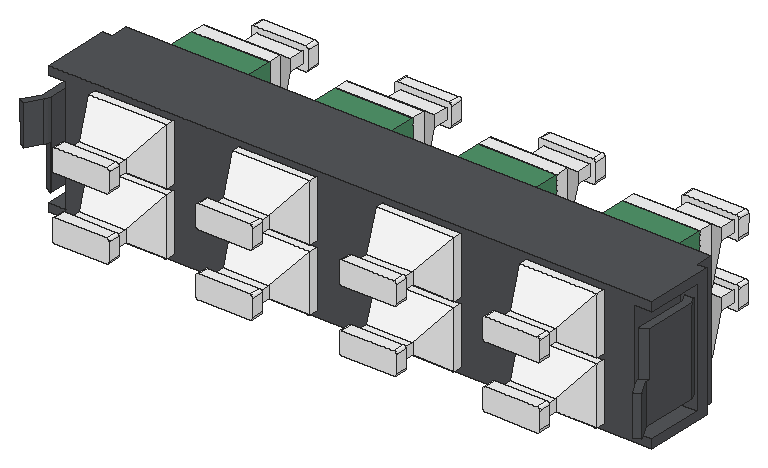
Revit family "Adaptor 8 MTP", category Installations électriques, Revit 2020
Family settings
  Conserver l'orientation des annotations = Non
  Cote de connecteur circulaire = Utiliser le diamètre
  Type d'élément = Normal
  Basée sur le plan de construction = Non
  Toujours verticalement = Oui
  Couper avec des vides une fois chargée = Non
  Partagée = Non
  Point de calcul de pièce = Non
Parameters (values of type "Adaptor 8 MTP single mode")
  Width of the connectors = 13.5 mm
  Width (mm) = 109 mm
  Type of connector interior = "MT_MPO"
  Type of connector external = "MT_MPO"
  Storage temperature = "-10°C à 60°C"
  RAL Number = "9001"
  Operating temperature = "-10°C à 60°C"
  Opening width = 8.35 mm
  Opening height = 1 mm
  Number of connectors = 8
  Legrand part number = "032119"
  IP = "IP20"
  IK = "IK04"
  Height of the connectors = 10 mm
  Height = 23 mm
  Function = "Fiber optic panels HD Legrand"
  Fiber optic type = "Single mode"
  Elévation par défaut = 0 mm
  ETIM class = "EC001130"
  EAN = "3414971929241"
  E-catalogue link = "https://www.legrand.fr/reference/032119/pro"
  Depth = 45 mm
  Colour of the connectors = IDS_VERT
  Color = IDS_NOIR
  BIM wording = "Adaptor 8 MTP single mode"
Reference planes
  plane 1 "Centre (avant/arrière)": y = 0
  plane 2: z = 0
  plane 3 "Centre (gauche/droite)": x = 0
  plane 4 "Clip bas": z = 4
  plane 5 "Clip haut": z = 19
  plane 6: x = 105.5
  plane 7: x = 52.75
  plane 8: through (0.797, -2.504, 1200) normal (-0.866, 0.5, 0)
  plane 9: z = 1
  plane 10: z = 11
  plane 11: z = 12
  plane 12: z = 22
  plane 13: x = 8.35
  plane 14: x = 21.85
  plane 15: z = 23
  plane 16: x = 33.45
  plane 17: x = 46.95
  plane 18: x = 58.55
  plane 19: x = 72.05
  plane 20: y = 21
  plane 21: y = 11
  plane 22: y = 1
  plane 23: x = 83.65
  plane 24: x = 97.15
  plane 25: y = -7
  plane 26: z = 5
  plane 27: z = 7
  plane 28: x = 11.1
  plane 29: x = 19.1
  plane 30: z = 16
  plane 31: z = 18
  plane 32: x = 11.1
  plane 33: x = 19.1
  plane 34: z = 5
  plane 35: z = 7
  plane 36: x = 36.2
  plane 37: x = 44.2
  plane 38: z = 5
  plane 39: z = 7
  plane 40: x = 61.3
  plane 41: x = 69.3
  plane 42: z = 5
  plane 43: z = 7
  plane 44: x = 86.4
  plane 45: x = 94.4
  plane 46: z = 16
  plane 47: z = 18
  plane 48: x = 36.2
  plane 49: x = 44.2
  plane 50: z = 16
  plane 51: z = 18
  plane 52: x = 61.3
  plane 53: x = 69.3
  plane 54: z = 16
  plane 55: z = 18
  plane 56: x = 86.4
  plane 57: x = 94.4
  plane 58: z = 5
  plane 59: z = 7
  plane 60: x = 11.1
  plane 61: x = 19.1
  plane 62: z = 16
  plane 63: z = 18
  plane 64: x = 11.1
  plane 65: x = 19.1
  plane 66: z = 5
  plane 67: z = 7
  plane 68: x = 36.2
  plane 69: x = 44.2
  plane 70: z = 5
  plane 71: z = 7
  plane 72: x = 61.3
  plane 73: x = 69.3
  plane 74: z = 5
  plane 75: z = 7
  plane 76: x = 86.4
  plane 77: x = 94.4
  plane 78: z = 16
  plane 79: z = 18
  plane 80: x = 36.2
  plane 81: x = 44.2
  plane 82: z = 16
  plane 83: z = 18
  plane 84: x = 61.3
  plane 85: x = 69.3
  plane 86: z = 16
  plane 87: z = 18
  plane 88: x = 86.4
  plane 89: x = 94.4
Forms (mm)
  Extrusion 1, solid, material "IDS_NOIR"
    sketch origin (0, 0, 0) x (1, 0, 0) y (0, 1, 0)
      loop
        line (0, 0) -> (105.5, 0) -> (105.5, 12) -> (103.9, 12) -> (103.9, 15) -> (1.6, 15) -> (1.6, 12) -> (0, 12) -> (0, 0)
    from 0 to 23
  Extrusion 2, void
    sketch origin (0, 0, 0) x (-1, 0, 0) y (0, 0, 1)
      loop
        line (0, 21.5) -> (-3, 21.5) -> (-3, 1.5) -> (0, 1.5) -> (0, 21.5)
      loop
        line (-105.5, 21.5) -> (-105.5, 1.5) -> (-102.5, 1.5) -> (-102.5, 21.5) -> (-105.5, 21.5)
    from 0 to 10
  Extrusion 3, solid, material "IDS_NOIR"
    sketch origin (0, 25.162, 4) x (0, 1, 0) y (-1, 0, 0)
      loop
        line (-29.912, 0.5) -> (-27.374, -0.965)
        arc (-27.374, -0.965) -> (-26.771, -1.215) -> (-26.124, -1.3) r 2.5
        line (-26.124, -1.3) -> (-16.662, -1.3) -> (-15.162, -2.166) -> (-15.162, -0.665) -> (-16.313, 0) -> (-26.446, 0) -> (-29.262, 1.626) -> (-29.912, 0.5)
      loop
        line (-29.912, -106) -> (-29.262, -107.126) -> (-26.446, -105.5) -> (-16.313, -105.5) -> (-15.162, -104.835) -> (-15.162, -103.334) -> (-16.662, -104.2) -> (-26.124, -104.2)
        arc (-26.124, -104.2) -> (-26.771, -104.285) -> (-27.374, -104.535) r 2.5
        line (-27.374, -104.535) -> (-29.912, -106)
    from 0 to 15
  Extrusion 4, void
    sketch origin (0.797, -2.504, 1200) x (0.5, 0.866025, 0) y (0, 0, 1)
      loop
        line (-2.593, -1196) -> (1.407, -1196) -> (1.407, -1188) -> (-2.593, -1188) -> (-2.593, -1196)
    from 0 to -2.615
  Extrusion 5, void
    sketch origin (104.703, -2.504, 1200) x (-0.5, 0.866025, 0) y (0, 0, -1)
      loop
        line (-2.593, 1181) -> (1.407, 1181) -> (1.407, 1189) -> (-2.593, 1189) -> (-2.593, 1181)
    from 0 to -2.615
  Extrusion 6, void
    sketch origin (2.941, 0, 0) x (-1, 0, 0) y (0, 0, 1)
      loop
        line (-5.409, 11) -> (-18.909, 11) -> (-18.909, 1) -> (-5.409, 1) -> (-5.409, 11)
      loop
        line (-30.509, 1) -> (-30.509, 11) -> (-44.009, 11) -> (-44.009, 1) -> (-30.509, 1)
      loop
        line (-55.609, 11) -> (-69.109, 11) -> (-69.109, 1) -> (-55.609, 1) -> (-55.609, 11)
      loop
        line (-80.709, 1) -> (-80.709, 11) -> (-94.209, 11) -> (-94.209, 1) -> (-80.709, 1)
    from 0 to 15
  Extrusion 7, void
    sketch origin (0, 0, 0) x (-1, 0, 0) y (0, 0, 1)
      loop
        line (-8.35, 12) -> (-8.35, 22) -> (-21.85, 22) -> (-21.85, 12) -> (-8.35, 12)
      loop
        line (-33.45, 12) -> (-33.45, 22) -> (-46.95, 22) -> (-46.95, 12) -> (-33.45, 12)
      loop
        line (-58.55, 22) -> (-72.05, 22) -> (-72.05, 12) -> (-58.55, 12) -> (-58.55, 22)
      loop
        line (-83.65, 22) -> (-97.15, 22) -> (-97.15, 12) -> (-83.65, 12) -> (-83.65, 22)
    from 0 to 15
  Extrusion 8, solid, material "IDS_VERT" <- "Colour of the connectors"
    sketch origin (-7.488, 1, 1200) x (-1, 0, 0) y (0, 0, 1)
      loop
        line (-15.838, -1189) -> (-29.338, -1189) -> (-29.338, -1199) -> (-15.838, -1199) -> (-15.838, -1189)
      loop
        line (-15.838, -1178) -> (-29.338, -1178) -> (-29.338, -1188) -> (-15.838, -1188) -> (-15.838, -1178)
      loop
        line (-40.938, -1188) -> (-40.938, -1178) -> (-54.438, -1178) -> (-54.438, -1188) -> (-40.938, -1188)
      loop
        line (-66.038, -1188) -> (-66.038, -1178) -> (-79.538, -1178) -> (-79.538, -1188) -> (-66.038, -1188)
      loop
        line (-66.038, -1189) -> (-79.538, -1189) -> (-79.538, -1199) -> (-66.038, -1199) -> (-66.038, -1189)
      loop
        line (-54.438, -1199) -> (-40.938, -1199) -> (-40.938, -1189) -> (-54.438, -1189) -> (-54.438, -1199)
      loop
        line (-91.138, -1188) -> (-91.138, -1178) -> (-104.638, -1178) -> (-104.638, -1188) -> (-91.138, -1188)
      loop
        line (-91.138, -1189) -> (-104.638, -1189) -> (-104.638, -1199) -> (-91.138, -1199) -> (-91.138, -1189)
    from 0 to 20
  Extrusion 9, solid, material "IDS_BLANC"
    sketch origin (-7.488, 1, 1200) x (-1, 0, 0) y (0, 0, 1)
      loop
        line (-15.838, -1188) -> (-15.838, -1178) -> (-29.338, -1178) -> (-29.338, -1188) -> (-15.838, -1188)
      loop
        line (-15.838, -1189) -> (-29.338, -1189) -> (-29.338, -1199) -> (-15.838, -1199) -> (-15.838, -1189)
      loop
        line (-40.938, -1188) -> (-40.938, -1178) -> (-54.438, -1178) -> (-54.438, -1188) -> (-40.938, -1188)
      loop
        line (-40.938, -1189) -> (-54.438, -1189) -> (-54.438, -1199) -> (-40.938, -1199) -> (-40.938, -1189)
      loop
        line (-66.038, -1178) -> (-79.538, -1178) -> (-79.538, -1188) -> (-66.038, -1188) -> (-66.038, -1178)
      loop
        line (-66.038, -1189) -> (-79.538, -1189) -> (-79.538, -1199) -> (-66.038, -1199) -> (-66.038, -1189)
      loop
        line (-91.138, -1188) -> (-91.138, -1178) -> (-104.638, -1178) -> (-104.638, -1188) -> (-91.138, -1188)
      loop
        line (-91.138, -1189) -> (-104.638, -1189) -> (-104.638, -1199) -> (-91.138, -1199) -> (-91.138, -1189)
    from 0 to -2.5
  Extrusion 10, solid, material "IDS_BLANC"
    sketch origin (5.742, -7, 1200) x (-1, 0, 0) y (0, 0, 1)
      loop
        line (-5.358, -1193) -> (-13.358, -1193) -> (-13.358, -1195) -> (-5.358, -1195) -> (-5.358, -1193)
    from -2.75 to 0
  SweptBlend 11, solid, material "IDS_BLANC"
    path origin (0, 25.162, 4) x (0, 1, 0) y (-1, 0, 0)
      loop
        line (-26.662, -15.1) -> (-32.162, -15.1)
    profile origin (15.1, -1.5, 4) x (1, 0, 0) y (0, 0, 1)
      loop
        line (-6.75, 7) -> (-6.75, -3) -> (6.75, -3) -> (6.75, 7) -> (-6.75, 7)
    end profile origin (15.1, -7, 4) x (1, 0, 0) y (0, 0, 1)
      loop
        line (4, 3) -> (-4, 3) -> (-4, 1) -> (4, 1) -> (4, 3)
  Extrusion 12, solid, material "IDS_BLANC"
    sketch origin (5.742, -9.75, 1200) x (1, 0, 0) y (0, 0, 1)
      loop
        arc (4.858, -1192) -> (4.504, -1192.146) -> (4.358, -1192.5) r 0.5
        line (4.358, -1192.5) -> (4.358, -1195.5)
        arc (4.358, -1195.5) -> (4.504, -1195.854) -> (4.858, -1196) r 0.5
        line (4.858, -1196) -> (13.858, -1196)
        arc (13.858, -1196) -> (14.211, -1195.854) -> (14.358, -1195.5) r 0.5
        line (14.358, -1195.5) -> (14.358, -1192.5)
        arc (14.358, -1192.5) -> (14.211, -1192.146) -> (13.858, -1192) r 0.5
        line (13.858, -1192) -> (4.858, -1192)
    from 0 to 2
  Extrusion 13, solid, material "IDS_BLANC"
    sketch origin (5.742, -9.75, 1211) x (1, 0, 0) y (0, 0, 1)
      loop
        arc (4.858, -1192) -> (4.504, -1192.146) -> (4.358, -1192.5) r 0.5
        line (4.358, -1192.5) -> (4.358, -1195.5)
        arc (4.358, -1195.5) -> (4.504, -1195.854) -> (4.858, -1196) r 0.5
        line (4.858, -1196) -> (13.858, -1196)
        arc (13.858, -1196) -> (14.211, -1195.854) -> (14.358, -1195.5) r 0.5
        line (14.358, -1195.5) -> (14.358, -1192.5)
        arc (14.358, -1192.5) -> (14.211, -1192.146) -> (13.858, -1192) r 0.5
        line (13.858, -1192) -> (4.858, -1192)
    from 0 to 2
  SweptBlend 14, solid, material "IDS_BLANC"
    path origin (0, 25.162, 15) x (0, 1, 0) y (-1, 0, 0)
      loop
        line (-26.662, -15.1) -> (-32.162, -15.1)
    profile origin (15.1, -1.5, 15) x (1, 0, 0) y (0, 0, 1)
      loop
        line (-6.75, 7) -> (-6.75, -3) -> (6.75, -3) -> (6.75, 7) -> (-6.75, 7)
    end profile origin (15.1, -7, 15) x (1, 0, 0) y (0, 0, 1)
      loop
        line (4, 3) -> (-4, 3) -> (-4, 1) -> (4, 1) -> (4, 3)
  Extrusion 15, solid, material "IDS_BLANC"
    sketch origin (5.742, -7, 1211) x (-1, 0, 0) y (0, 0, 1)
      loop
        line (-5.358, -1193) -> (-13.358, -1193) -> (-13.358, -1195) -> (-5.358, -1195) -> (-5.358, -1193)
    from -2.75 to 0
  Extrusion 16, solid, material "IDS_BLANC"
    sketch origin (30.842, -7, 1200) x (-1, 0, 0) y (0, 0, 1)
      loop
        line (-5.358, -1193) -> (-13.358, -1193) -> (-13.358, -1195) -> (-5.358, -1195) -> (-5.358, -1193)
    from -2.75 to 0
  SweptBlend 17, solid, material "IDS_BLANC"
    path origin (25.1, 25.162, 4) x (0, 1, 0) y (-1, 0, 0)
      loop
        line (-26.662, -15.1) -> (-32.162, -15.1)
    profile origin (40.2, -1.5, 4) x (1, 0, 0) y (0, 0, 1)
      loop
        line (-6.75, 7) -> (-6.75, -3) -> (6.75, -3) -> (6.75, 7) -> (-6.75, 7)
    end profile origin (40.2, -7, 4) x (1, 0, 0) y (0, 0, 1)
      loop
        line (4, 3) -> (-4, 3) -> (-4, 1) -> (4, 1) -> (4, 3)
  Extrusion 18, solid, material "IDS_BLANC"
    sketch origin (30.842, -9.75, 1200) x (1, 0, 0) y (0, 0, 1)
      loop
        arc (4.858, -1192) -> (4.504, -1192.146) -> (4.358, -1192.5) r 0.5
        line (4.358, -1192.5) -> (4.358, -1195.5)
        arc (4.358, -1195.5) -> (4.504, -1195.854) -> (4.858, -1196) r 0.5
        line (4.858, -1196) -> (13.858, -1196)
        arc (13.858, -1196) -> (14.211, -1195.854) -> (14.358, -1195.5) r 0.5
        line (14.358, -1195.5) -> (14.358, -1192.5)
        arc (14.358, -1192.5) -> (14.211, -1192.146) -> (13.858, -1192) r 0.5
        line (13.858, -1192) -> (4.858, -1192)
    from 0 to 2
  Extrusion 19, solid, material "IDS_BLANC"
    sketch origin (30.842, -9.75, 1211) x (1, 0, 0) y (0, 0, 1)
      loop
        arc (4.858, -1192) -> (4.504, -1192.146) -> (4.358, -1192.5) r 0.5
        line (4.358, -1192.5) -> (4.358, -1195.5)
        arc (4.358, -1195.5) -> (4.504, -1195.854) -> (4.858, -1196) r 0.5
        line (4.858, -1196) -> (13.858, -1196)
        arc (13.858, -1196) -> (14.211, -1195.854) -> (14.358, -1195.5) r 0.5
        line (14.358, -1195.5) -> (14.358, -1192.5)
        arc (14.358, -1192.5) -> (14.211, -1192.146) -> (13.858, -1192) r 0.5
        line (13.858, -1192) -> (4.858, -1192)
    from 0 to 2
  SweptBlend 20, solid, material "IDS_BLANC"
    path origin (25.1, 25.162, 15) x (0, 1, 0) y (-1, 0, 0)
      loop
        line (-26.662, -15.1) -> (-32.162, -15.1)
    profile origin (40.2, -1.5, 15) x (1, 0, 0) y (0, 0, 1)
      loop
        line (-6.75, 7) -> (-6.75, -3) -> (6.75, -3) -> (6.75, 7) -> (-6.75, 7)
    end profile origin (40.2, -7, 15) x (1, 0, 0) y (0, 0, 1)
      loop
        line (4, 3) -> (-4, 3) -> (-4, 1) -> (4, 1) -> (4, 3)
  Extrusion 21, solid, material "IDS_BLANC"
    sketch origin (55.942, -7, 1200) x (-1, 0, 0) y (0, 0, 1)
      loop
        line (-5.358, -1193) -> (-13.358, -1193) -> (-13.358, -1195) -> (-5.358, -1195) -> (-5.358, -1193)
    from -2.75 to 0
  SweptBlend 22, solid, material "IDS_BLANC"
    path origin (50.2, 25.162, 4) x (0, 1, 0) y (-1, 0, 0)
      loop
        line (-26.662, -15.1) -> (-32.162, -15.1)
    profile origin (65.3, -1.5, 4) x (1, 0, 0) y (0, 0, 1)
      loop
        line (-6.75, 7) -> (-6.75, -3) -> (6.75, -3) -> (6.75, 7) -> (-6.75, 7)
    end profile origin (65.3, -7, 4) x (1, 0, 0) y (0, 0, 1)
      loop
        line (4, 3) -> (-4, 3) -> (-4, 1) -> (4, 1) -> (4, 3)
  Extrusion 23, solid, material "IDS_BLANC"
    sketch origin (55.942, -9.75, 1200) x (1, 0, 0) y (0, 0, 1)
      loop
        arc (4.858, -1192) -> (4.504, -1192.146) -> (4.358, -1192.5) r 0.5
        line (4.358, -1192.5) -> (4.358, -1195.5)
        arc (4.358, -1195.5) -> (4.504, -1195.854) -> (4.858, -1196) r 0.5
        line (4.858, -1196) -> (13.858, -1196)
        arc (13.858, -1196) -> (14.211, -1195.854) -> (14.358, -1195.5) r 0.5
        line (14.358, -1195.5) -> (14.358, -1192.5)
        arc (14.358, -1192.5) -> (14.211, -1192.146) -> (13.858, -1192) r 0.5
        line (13.858, -1192) -> (4.858, -1192)
    from 0 to 2
  Extrusion 24, solid, material "IDS_BLANC"
    sketch origin (55.942, -9.75, 1211) x (1, 0, 0) y (0, 0, 1)
      loop
        arc (4.858, -1192) -> (4.504, -1192.146) -> (4.358, -1192.5) r 0.5
        line (4.358, -1192.5) -> (4.358, -1195.5)
        arc (4.358, -1195.5) -> (4.504, -1195.854) -> (4.858, -1196) r 0.5
        line (4.858, -1196) -> (13.858, -1196)
        arc (13.858, -1196) -> (14.211, -1195.854) -> (14.358, -1195.5) r 0.5
        line (14.358, -1195.5) -> (14.358, -1192.5)
        arc (14.358, -1192.5) -> (14.211, -1192.146) -> (13.858, -1192) r 0.5
        line (13.858, -1192) -> (4.858, -1192)
    from 0 to 2
  SweptBlend 25, solid, material "IDS_BLANC"
    path origin (50.2, 25.162, 15) x (0, 1, 0) y (-1, 0, 0)
      loop
        line (-26.662, -15.1) -> (-32.162, -15.1)
    profile origin (65.3, -1.5, 15) x (1, 0, 0) y (0, 0, 1)
      loop
        line (-6.75, 7) -> (-6.75, -3) -> (6.75, -3) -> (6.75, 7) -> (-6.75, 7)
    end profile origin (65.3, -7, 15) x (1, 0, 0) y (0, 0, 1)
      loop
        line (4, 3) -> (-4, 3) -> (-4, 1) -> (4, 1) -> (4, 3)
  Extrusion 26, solid, material "IDS_BLANC"
    sketch origin (81.042, -7, 1200) x (-1, 0, 0) y (0, 0, 1)
      loop
        line (-5.358, -1193) -> (-13.358, -1193) -> (-13.358, -1195) -> (-5.358, -1195) -> (-5.358, -1193)
    from -2.75 to 0
  SweptBlend 27, solid, material "IDS_BLANC"
    path origin (75.3, 25.162, 4) x (0, 1, 0) y (-1, 0, 0)
      loop
        line (-26.662, -15.1) -> (-32.162, -15.1)
    profile origin (90.4, -1.5, 4) x (1, 0, 0) y (0, 0, 1)
      loop
        line (-6.75, 7) -> (-6.75, -3) -> (6.75, -3) -> (6.75, 7) -> (-6.75, 7)
    end profile origin (90.4, -7, 4) x (1, 0, 0) y (0, 0, 1)
      loop
        line (4, 3) -> (-4, 3) -> (-4, 1) -> (4, 1) -> (4, 3)
  Extrusion 28, solid, material "IDS_BLANC"
    sketch origin (81.042, -9.75, 1200) x (1, 0, 0) y (0, 0, 1)
      loop
        arc (4.858, -1192) -> (4.504, -1192.146) -> (4.358, -1192.5) r 0.5
        line (4.358, -1192.5) -> (4.358, -1195.5)
        arc (4.358, -1195.5) -> (4.504, -1195.854) -> (4.858, -1196) r 0.5
        line (4.858, -1196) -> (13.858, -1196)
        arc (13.858, -1196) -> (14.211, -1195.854) -> (14.358, -1195.5) r 0.5
        line (14.358, -1195.5) -> (14.358, -1192.5)
        arc (14.358, -1192.5) -> (14.211, -1192.146) -> (13.858, -1192) r 0.5
        line (13.858, -1192) -> (4.858, -1192)
    from 0 to 2
  Extrusion 29, solid, material "IDS_BLANC"
    sketch origin (81.042, -9.75, 1211) x (1, 0, 0) y (0, 0, 1)
      loop
        arc (4.858, -1192) -> (4.504, -1192.146) -> (4.358, -1192.5) r 0.5
        line (4.358, -1192.5) -> (4.358, -1195.5)
        arc (4.358, -1195.5) -> (4.504, -1195.854) -> (4.858, -1196) r 0.5
        line (4.858, -1196) -> (13.858, -1196)
        arc (13.858, -1196) -> (14.211, -1195.854) -> (14.358, -1195.5) r 0.5
        line (14.358, -1195.5) -> (14.358, -1192.5)
        arc (14.358, -1192.5) -> (14.211, -1192.146) -> (13.858, -1192) r 0.5
        line (13.858, -1192) -> (4.858, -1192)
    from 0 to 2
  SweptBlend 30, solid, material "IDS_BLANC"
    path origin (75.3, 25.162, 15) x (0, 1, 0) y (-1, 0, 0)
      loop
        line (-26.662, -15.1) -> (-32.162, -15.1)
    profile origin (90.4, -1.5, 15) x (1, 0, 0) y (0, 0, 1)
      loop
        line (-6.75, 7) -> (-6.75, -3) -> (6.75, -3) -> (6.75, 7) -> (-6.75, 7)
    end profile origin (90.4, -7, 15) x (1, 0, 0) y (0, 0, 1)
      loop
        line (4, 3) -> (-4, 3) -> (-4, 1) -> (4, 1) -> (4, 3)
  Extrusion 31, solid, material "IDS_BLANC"
    sketch origin (30.842, -7, 1211) x (-1, 0, 0) y (0, 0, 1)
      loop
        line (-5.358, -1193) -> (-13.358, -1193) -> (-13.358, -1195) -> (-5.358, -1195) -> (-5.358, -1193)
    from -2.75 to 0
  Extrusion 32, solid, material "IDS_BLANC"
    sketch origin (55.942, -7, 1211) x (-1, 0, 0) y (0, 0, 1)
      loop
        line (-5.358, -1193) -> (-13.358, -1193) -> (-13.358, -1195) -> (-5.358, -1195) -> (-5.358, -1193)
    from -2.75 to 0
  Extrusion 33, solid, material "IDS_BLANC"
    sketch origin (81.042, -7, 1211) x (-1, 0, 0) y (0, 0, 1)
      loop
        line (-5.358, -1193) -> (-13.358, -1193) -> (-13.358, -1195) -> (-5.358, -1195) -> (-5.358, -1193)
    from -2.75 to 0
  Extrusion 34, solid, material "IDS_BLANC"
    sketch origin (-7.488, 21, 1200) x (-1, 0, 0) y (0, 0, -1)
      loop
        line (-15.838, 1188) -> (-29.338, 1188) -> (-29.338, 1178) -> (-15.838, 1178) -> (-15.838, 1188)
      loop
        line (-15.838, 1189) -> (-15.838, 1199) -> (-29.338, 1199) -> (-29.338, 1189) -> (-15.838, 1189)
      loop
        line (-40.938, 1188) -> (-54.438, 1188) -> (-54.438, 1178) -> (-40.938, 1178) -> (-40.938, 1188)
      loop
        line (-40.938, 1189) -> (-40.938, 1199) -> (-54.438, 1199) -> (-54.438, 1189) -> (-40.938, 1189)
      loop
        line (-66.038, 1178) -> (-66.038, 1188) -> (-79.538, 1188) -> (-79.538, 1178) -> (-66.038, 1178)
      loop
        line (-66.038, 1189) -> (-66.038, 1199) -> (-79.538, 1199) -> (-79.538, 1189) -> (-66.038, 1189)
      loop
        line (-91.138, 1188) -> (-104.638, 1188) -> (-104.638, 1178) -> (-91.138, 1178) -> (-91.138, 1188)
      loop
        line (-91.138, 1189) -> (-91.138, 1199) -> (-104.638, 1199) -> (-104.638, 1189) -> (-91.138, 1189)
    from 0 to -2.5
  Extrusion 35, solid, material "IDS_BLANC"
    sketch origin (5.742, 29, 1200) x (-1, 0, 0) y (0, 0, -1)
      loop
        line (-5.358, 1193) -> (-5.358, 1195) -> (-13.358, 1195) -> (-13.358, 1193) -> (-5.358, 1193)
    from -2.75 to 0
  SweptBlend 36, solid, material "IDS_BLANC"
    path origin (0, -3.162, 4) x (0, -1, 0) y (1, 0, 0)
      loop
        line (-26.662, 15.1) -> (-32.162, 15.1)
    profile origin (15.1, 23.5, 4) x (-1, 0, 0) y (0, 0, 1)
      loop
        line (6.75, 7) -> (-6.75, 7) -> (-6.75, -3) -> (6.75, -3) -> (6.75, 7)
    end profile origin (15.1, 29, 4) x (-1, 0, 0) y (0, 0, 1)
      loop
        line (-4, 3) -> (-4, 1) -> (4, 1) -> (4, 3) -> (-4, 3)
  Extrusion 37, solid, material "IDS_BLANC"
    sketch origin (5.742, 31.75, 1200) x (1, 0, 0) y (0, 0, -1)
      loop
        line (4.858, 1192) -> (13.858, 1192)
        arc (13.858, 1192) -> (14.211, 1192.146) -> (14.358, 1192.5) r 0.5
        line (14.358, 1192.5) -> (14.358, 1195.5)
        arc (14.358, 1195.5) -> (14.211, 1195.854) -> (13.858, 1196) r 0.5
        line (13.858, 1196) -> (4.858, 1196)
        arc (4.858, 1196) -> (4.504, 1195.854) -> (4.358, 1195.5) r 0.5
        line (4.358, 1195.5) -> (4.358, 1192.5)
        arc (4.358, 1192.5) -> (4.504, 1192.146) -> (4.858, 1192) r 0.5
    from 0 to 2
  Extrusion 38, solid, material "IDS_BLANC"
    sketch origin (5.742, 31.75, 1189) x (1, 0, 0) y (0, 0, -1)
      loop
        line (4.858, 1170) -> (13.858, 1170)
        arc (13.858, 1170) -> (14.211, 1170.146) -> (14.358, 1170.5) r 0.5
        line (14.358, 1170.5) -> (14.358, 1173.5)
        arc (14.358, 1173.5) -> (14.211, 1173.854) -> (13.858, 1174) r 0.5
        line (13.858, 1174) -> (4.858, 1174)
        arc (4.858, 1174) -> (4.504, 1173.854) -> (4.358, 1173.5) r 0.5
        line (4.358, 1173.5) -> (4.358, 1170.5)
        arc (4.358, 1170.5) -> (4.504, 1170.146) -> (4.858, 1170) r 0.5
    from 0 to 2
  SweptBlend 39, solid, material "IDS_BLANC"
    path origin (0, -3.162, 15) x (0, -1, 0) y (1, 0, 0)
      loop
        line (-26.662, 15.1) -> (-32.162, 15.1)
    profile origin (15.1, 23.5, 15) x (-1, 0, 0) y (0, 0, 1)
      loop
        line (6.75, 7) -> (-6.75, 7) -> (-6.75, -3) -> (6.75, -3) -> (6.75, 7)
    end profile origin (15.1, 29, 15) x (-1, 0, 0) y (0, 0, 1)
      loop
        line (-4, 3) -> (-4, 1) -> (4, 1) -> (4, 3) -> (-4, 3)
  Extrusion 40, solid, material "IDS_BLANC"
    sketch origin (5.742, 29, 1211) x (-1, 0, 0) y (0, 0, -1)
      loop
        line (-5.358, 1193) -> (-5.358, 1195) -> (-13.358, 1195) -> (-13.358, 1193) -> (-5.358, 1193)
    from -2.75 to 0
  Extrusion 41, solid, material "IDS_BLANC"
    sketch origin (30.842, 29, 1200) x (-1, 0, 0) y (0, 0, -1)
      loop
        line (-5.358, 1193) -> (-5.358, 1195) -> (-13.358, 1195) -> (-13.358, 1193) -> (-5.358, 1193)
    from -2.75 to 0
  SweptBlend 42, solid, material "IDS_BLANC"
    path origin (25.1, -3.162, 4) x (0, -1, 0) y (1, 0, 0)
      loop
        line (-26.662, 15.1) -> (-32.162, 15.1)
    profile origin (40.2, 23.5, 4) x (-1, 0, 0) y (0, 0, 1)
      loop
        line (6.75, 7) -> (-6.75, 7) -> (-6.75, -3) -> (6.75, -3) -> (6.75, 7)
    end profile origin (40.2, 29, 4) x (-1, 0, 0) y (0, 0, 1)
      loop
        line (-4, 3) -> (-4, 1) -> (4, 1) -> (4, 3) -> (-4, 3)
  Extrusion 43, solid, material "IDS_BLANC"
    sketch origin (30.842, 31.75, 1200) x (1, 0, 0) y (0, 0, -1)
      loop
        line (4.858, 1192) -> (13.858, 1192)
        arc (13.858, 1192) -> (14.211, 1192.146) -> (14.358, 1192.5) r 0.5
        line (14.358, 1192.5) -> (14.358, 1195.5)
        arc (14.358, 1195.5) -> (14.211, 1195.854) -> (13.858, 1196) r 0.5
        line (13.858, 1196) -> (4.858, 1196)
        arc (4.858, 1196) -> (4.504, 1195.854) -> (4.358, 1195.5) r 0.5
        line (4.358, 1195.5) -> (4.358, 1192.5)
        arc (4.358, 1192.5) -> (4.504, 1192.146) -> (4.858, 1192) r 0.5
    from 0 to 2
  Extrusion 44, solid, material "IDS_BLANC"
    sketch origin (30.842, 31.75, 1189) x (1, 0, 0) y (0, 0, -1)
      loop
        line (4.858, 1170) -> (13.858, 1170)
        arc (13.858, 1170) -> (14.211, 1170.146) -> (14.358, 1170.5) r 0.5
        line (14.358, 1170.5) -> (14.358, 1173.5)
        arc (14.358, 1173.5) -> (14.211, 1173.854) -> (13.858, 1174) r 0.5
        line (13.858, 1174) -> (4.858, 1174)
        arc (4.858, 1174) -> (4.504, 1173.854) -> (4.358, 1173.5) r 0.5
        line (4.358, 1173.5) -> (4.358, 1170.5)
        arc (4.358, 1170.5) -> (4.504, 1170.146) -> (4.858, 1170) r 0.5
    from 0 to 2
  SweptBlend 45, solid, material "IDS_BLANC"
    path origin (25.1, -3.162, 15) x (0, -1, 0) y (1, 0, 0)
      loop
        line (-26.662, 15.1) -> (-32.162, 15.1)
    profile origin (40.2, 23.5, 15) x (-1, 0, 0) y (0, 0, 1)
      loop
        line (6.75, 7) -> (-6.75, 7) -> (-6.75, -3) -> (6.75, -3) -> (6.75, 7)
    end profile origin (40.2, 29, 15) x (-1, 0, 0) y (0, 0, 1)
      loop
        line (-4, 3) -> (-4, 1) -> (4, 1) -> (4, 3) -> (-4, 3)
  Extrusion 46, solid, material "IDS_BLANC"
    sketch origin (55.942, 29, 1200) x (-1, 0, 0) y (0, 0, -1)
      loop
        line (-5.358, 1193) -> (-5.358, 1195) -> (-13.358, 1195) -> (-13.358, 1193) -> (-5.358, 1193)
    from -2.75 to 0
  SweptBlend 47, solid, material "IDS_BLANC"
    path origin (50.2, -3.162, 4) x (0, -1, 0) y (1, 0, 0)
      loop
        line (-26.662, 15.1) -> (-32.162, 15.1)
    profile origin (65.3, 23.5, 4) x (-1, 0, 0) y (0, 0, 1)
      loop
        line (6.75, 7) -> (-6.75, 7) -> (-6.75, -3) -> (6.75, -3) -> (6.75, 7)
    end profile origin (65.3, 29, 4) x (-1, 0, 0) y (0, 0, 1)
      loop
        line (-4, 3) -> (-4, 1) -> (4, 1) -> (4, 3) -> (-4, 3)
  Extrusion 48, solid, material "IDS_BLANC"
    sketch origin (55.942, 31.75, 1200) x (1, 0, 0) y (0, 0, -1)
      loop
        line (4.858, 1192) -> (13.858, 1192)
        arc (13.858, 1192) -> (14.211, 1192.146) -> (14.358, 1192.5) r 0.5
        line (14.358, 1192.5) -> (14.358, 1195.5)
        arc (14.358, 1195.5) -> (14.211, 1195.854) -> (13.858, 1196) r 0.5
        line (13.858, 1196) -> (4.858, 1196)
        arc (4.858, 1196) -> (4.504, 1195.854) -> (4.358, 1195.5) r 0.5
        line (4.358, 1195.5) -> (4.358, 1192.5)
        arc (4.358, 1192.5) -> (4.504, 1192.146) -> (4.858, 1192) r 0.5
    from 0 to 2
  Extrusion 49, solid, material "IDS_BLANC"
    sketch origin (55.942, 31.75, 1189) x (1, 0, 0) y (0, 0, -1)
      loop
        line (4.858, 1170) -> (13.858, 1170)
        arc (13.858, 1170) -> (14.211, 1170.146) -> (14.358, 1170.5) r 0.5
        line (14.358, 1170.5) -> (14.358, 1173.5)
        arc (14.358, 1173.5) -> (14.211, 1173.854) -> (13.858, 1174) r 0.5
        line (13.858, 1174) -> (4.858, 1174)
        arc (4.858, 1174) -> (4.504, 1173.854) -> (4.358, 1173.5) r 0.5
        line (4.358, 1173.5) -> (4.358, 1170.5)
        arc (4.358, 1170.5) -> (4.504, 1170.146) -> (4.858, 1170) r 0.5
    from 0 to 2
  SweptBlend 50, solid, material "IDS_BLANC"
    path origin (50.2, -3.162, 15) x (0, -1, 0) y (1, 0, 0)
      loop
        line (-26.662, 15.1) -> (-32.162, 15.1)
    profile origin (65.3, 23.5, 15) x (-1, 0, 0) y (0, 0, 1)
      loop
        line (6.75, 7) -> (-6.75, 7) -> (-6.75, -3) -> (6.75, -3) -> (6.75, 7)
    end profile origin (65.3, 29, 15) x (-1, 0, 0) y (0, 0, 1)
      loop
        line (-4, 3) -> (-4, 1) -> (4, 1) -> (4, 3) -> (-4, 3)
  Extrusion 51, solid, material "IDS_BLANC"
    sketch origin (81.042, 29, 1200) x (-1, 0, 0) y (0, 0, -1)
      loop
        line (-5.358, 1193) -> (-5.358, 1195) -> (-13.358, 1195) -> (-13.358, 1193) -> (-5.358, 1193)
    from -2.75 to 0
  SweptBlend 52, solid, material "IDS_BLANC"
    path origin (75.3, -3.162, 4) x (0, -1, 0) y (1, 0, 0)
      loop
        line (-26.662, 15.1) -> (-32.162, 15.1)
    profile origin (90.4, 23.5, 4) x (-1, 0, 0) y (0, 0, 1)
      loop
        line (6.75, 7) -> (-6.75, 7) -> (-6.75, -3) -> (6.75, -3) -> (6.75, 7)
    end profile origin (90.4, 29, 4) x (-1, 0, 0) y (0, 0, 1)
      loop
        line (-4, 3) -> (-4, 1) -> (4, 1) -> (4, 3) -> (-4, 3)
  Extrusion 53, solid, material "IDS_BLANC"
    sketch origin (81.042, 31.75, 1200) x (1, 0, 0) y (0, 0, -1)
      loop
        line (4.858, 1192) -> (13.858, 1192)
        arc (13.858, 1192) -> (14.211, 1192.146) -> (14.358, 1192.5) r 0.5
        line (14.358, 1192.5) -> (14.358, 1195.5)
        arc (14.358, 1195.5) -> (14.211, 1195.854) -> (13.858, 1196) r 0.5
        line (13.858, 1196) -> (4.858, 1196)
        arc (4.858, 1196) -> (4.504, 1195.854) -> (4.358, 1195.5) r 0.5
        line (4.358, 1195.5) -> (4.358, 1192.5)
        arc (4.358, 1192.5) -> (4.504, 1192.146) -> (4.858, 1192) r 0.5
    from 0 to 2
  Extrusion 54, solid, material "IDS_BLANC"
    sketch origin (81.042, 31.75, 1189) x (1, 0, 0) y (0, 0, -1)
      loop
        line (4.858, 1170) -> (13.858, 1170)
        arc (13.858, 1170) -> (14.211, 1170.146) -> (14.358, 1170.5) r 0.5
        line (14.358, 1170.5) -> (14.358, 1173.5)
        arc (14.358, 1173.5) -> (14.211, 1173.854) -> (13.858, 1174) r 0.5
        line (13.858, 1174) -> (4.858, 1174)
        arc (4.858, 1174) -> (4.504, 1173.854) -> (4.358, 1173.5) r 0.5
        line (4.358, 1173.5) -> (4.358, 1170.5)
        arc (4.358, 1170.5) -> (4.504, 1170.146) -> (4.858, 1170) r 0.5
    from 0 to 2
  SweptBlend 55, solid, material "IDS_BLANC"
    path origin (75.3, -3.162, 15) x (0, -1, 0) y (1, 0, 0)
      loop
        line (-26.662, 15.1) -> (-32.162, 15.1)
    profile origin (90.4, 23.5, 15) x (-1, 0, 0) y (0, 0, 1)
      loop
        line (6.75, 7) -> (-6.75, 7) -> (-6.75, -3) -> (6.75, -3) -> (6.75, 7)
    end profile origin (90.4, 29, 15) x (-1, 0, 0) y (0, 0, 1)
      loop
        line (-4, 3) -> (-4, 1) -> (4, 1) -> (4, 3) -> (-4, 3)
  Extrusion 56, solid, material "IDS_BLANC"
    sketch origin (30.842, 29, 1211) x (-1, 0, 0) y (0, 0, -1)
      loop
        line (-5.358, 1193) -> (-5.358, 1195) -> (-13.358, 1195) -> (-13.358, 1193) -> (-5.358, 1193)
    from -2.75 to 0
  Extrusion 57, solid, material "IDS_BLANC"
    sketch origin (55.942, 29, 1211) x (-1, 0, 0) y (0, 0, -1)
      loop
        line (-5.358, 1193) -> (-5.358, 1195) -> (-13.358, 1195) -> (-13.358, 1193) -> (-5.358, 1193)
    from -2.75 to 0
  Extrusion 58, solid, material "IDS_BLANC"
    sketch origin (81.042, 29, 1211) x (-1, 0, 0) y (0, 0, -1)
      loop
        line (-5.358, 1193) -> (-5.358, 1195) -> (-13.358, 1195) -> (-13.358, 1193) -> (-5.358, 1193)
    from -2.75 to 0
Cuts and joins
  Extrusion 2, Extrusion 6, Extrusion 7 cuts Extrusion 1
  Extrusion 4, Extrusion 5 cuts Extrusion 3
  joined: Extrusion 9, Extrusion 10, SweptBlend 11, Extrusion 12, Extrusion 13, SweptBlend 14, Extrusion 15, Extrusion 16, SweptBlend 17, Extrusion 18, Extrusion 19, SweptBlend 20, Extrusion 21, SweptBlend 22, Extrusion 23, Extrusion 24, SweptBlend 25, Extrusion 26, SweptBlend 27, Extrusion 28, Extrusion 29, SweptBlend 30, Extrusion 31, Extrusion 32, Extrusion 33
Lines and regions (mm)
  model lines
    curve 1: line (21.85, -1.5, 1) -> (8.35, -1.5, 1)
    curve 2: line (21.85, -1.5, 11) -> (21.85, -1.5, 1)
    curve 3: line (8.35, -1.5, 11) -> (21.85, -1.5, 11)
    curve 4: line (8.35, -1.5, 1) -> (8.35, -1.5, 11)
Dimensions and locks
  locked: plane 1 "Centre (avant/arrière)" to Extrusion 1 sketch curve at 15
  locked: Extrusion 1 sketch curve to Extrusion 1 sketch curve at 105.5
  locked: Extrusion 1 sketch curve to Extrusion 1 sketch curve at 1.6  (x2)
  locked: Extrusion 1 sketch curve to Extrusion 1 sketch curve at 12
  locked: Extrusion 2 sketch curve to level at 1.5
  locked: Extrusion 1 to Extrusion 2 sketch curve at 1.5
  locked: Extrusion 2 sketch curve to plane 3 "Centre (gauche/droite)" at 3
  locked: Extrusion 2 sketch curve to Extrusion 1 at 3
  plane 4 "Clip bas" to level = 4 mm
  cut or joined group of Extrusion 1, Extrusion 2, Extrusion 6, Extrusion 7 to plane 5 "Clip haut" = 4 mm
  locked: Extrusion 3 sketch curve to plane 3 "Centre (gauche/droite)" at 0.5
  locked: Extrusion 3 sketch curve to plane 1 "Centre (avant/arrière)" at 4.75
  locked: plane 3 "Centre (gauche/droite)" to Extrusion 3 sketch curve at 1.3
  plane 1 "Centre (avant/arrière)" to Extrusion 3 sketch curve = 8.5 mm
  equal spacing: plane 3 "Centre (gauche/droite)", plane 7, plane 6, locked at 52.75 each
  locked: Extrusion 3 to Extrusion 4 sketch curve at 4
  locked: Extrusion 3 to Extrusion 4 sketch curve at 8
  cut or joined group of Extrusion 3, Extrusion 4, Extrusion 5 to Extrusion 5 sketch curve = 8 mm
  Extrusion 5 sketch curve to cut or joined group of Extrusion 3, Extrusion 4, Extrusion 5 = 4 mm
  "Opening height": plane 9 to level
  "Height of the connectors": plane 10 to plane 9
  "Height of the connectors": plane 12 to plane 11
  "Opening width": plane 13 to plane 3 "Centre (gauche/droite)"
  "Width of the connectors": plane 13 to plane 14
  locked: plane 15 to level at 23
  "Opening height": plane 15 to plane 12
  "Width of the connectors": plane 16 to plane 17
  locked: plane 14 to plane 16 at 11.6
  plane 17 to plane 18 = 11.6 mm
  "Width of the connectors": plane 18 to plane 19
  plane 20 to cut or joined group of Extrusion 1, Extrusion 2, Extrusion 6, Extrusion 7 = 6 mm
  locked: plane 22 to plane 1 "Centre (avant/arrière)" at 1
  "Width of the connectors": plane 23 to plane 24
  plane 23 to plane 19 = 11.6 mm
  plane 6 to plane 24 = 8.35 mm
  Extrusion 9 to plane 25 = 5.5 mm
  plane 26 to plane 9 = 4 mm
  plane 10 to plane 27 = 4 mm
  plane 27 to plane 26 = 2 mm
  Extrusion 9 to plane 28 = 2.75 mm
  plane 28 to plane 29 = 8 mm
  plane 29 to plane 14 = 2.75 mm
  Extrusion 12 sketch curve to Extrusion 10 = 1 mm  (x3)
  Extrusion 10 to Extrusion 12 sketch curve = 1 mm
  plane 31 to plane 30 = 2 mm
  plane 32 to plane 33 = 8 mm
  plane 35 to plane 34 = 2 mm
  plane 36 to plane 37 = 8 mm
  Extrusion 18 sketch curve to Extrusion 16 = 1 mm  (x3)
  Extrusion 16 to Extrusion 18 sketch curve = 1 mm
  plane 39 to plane 38 = 2 mm
  plane 40 to plane 41 = 8 mm
  Extrusion 23 sketch curve to Extrusion 21 = 1 mm  (x3)
  Extrusion 21 to Extrusion 23 sketch curve = 1 mm
  plane 43 to plane 42 = 2 mm
  plane 44 to plane 45 = 8 mm
  Extrusion 28 sketch curve to Extrusion 26 = 1 mm  (x3)
  Extrusion 26 to Extrusion 28 sketch curve = 1 mm
  plane 47 to plane 46 = 2 mm
  plane 48 to plane 49 = 8 mm
  plane 51 to plane 50 = 2 mm
  plane 52 to plane 53 = 8 mm
  plane 55 to plane 54 = 2 mm
  plane 56 to plane 57 = 8 mm
  equal spacing: plane 20, plane 21, plane 22
  plane 58 to plane 59 = 2 mm
  Extrusion 34 to plane 60 = 2.75 mm
  plane 60 to plane 61 = 8 mm
  Extrusion 35 to Extrusion 37 sketch curve = 1 mm
  Extrusion 37 sketch curve to Extrusion 35 = 1 mm  (x3)
  plane 62 to plane 63 = 2 mm
  plane 64 to plane 65 = 8 mm
  plane 66 to plane 67 = 2 mm
  plane 68 to plane 69 = 8 mm
  Extrusion 41 to Extrusion 43 sketch curve = 1 mm
  Extrusion 43 sketch curve to Extrusion 41 = 1 mm  (x3)
  plane 70 to plane 71 = 2 mm
  plane 72 to plane 73 = 8 mm
  Extrusion 46 to Extrusion 48 sketch curve = 1 mm
  Extrusion 48 sketch curve to Extrusion 46 = 1 mm  (x3)
  plane 74 to plane 75 = 2 mm
  plane 76 to plane 77 = 8 mm
  Extrusion 51 to Extrusion 53 sketch curve = 1 mm
  Extrusion 53 sketch curve to Extrusion 51 = 1 mm  (x3)
  plane 78 to plane 79 = 2 mm
  plane 80 to plane 81 = 8 mm
  plane 82 to plane 83 = 2 mm
  plane 84 to plane 85 = 8 mm
  plane 86 to plane 87 = 2 mm
  plane 88 to plane 89 = 8 mm
  locked: cut or joined group of Extrusion 1, Extrusion 2, Extrusion 6, Extrusion 7 to Extrusion 3 sketch curve (angle 60.00°)
  aligned and locked: level to plane 2
  aligned and locked: plane 5 "Clip haut" to Extrusion 3
  aligned and locked: Extrusion 3 to plane 4 "Clip bas"
  aligned and locked: plane 6 to cut or joined group of Extrusion 1, Extrusion 2, Extrusion 6, Extrusion 7
  aligned and locked: Extrusion 4 sketch curve to Extrusion 3
  aligned and locked: Extrusion 3 to Extrusion 4 sketch curve
  aligned and locked: Extrusion 5 sketch curve to cut or joined group of Extrusion 3, Extrusion 4, Extrusion 5
  aligned and locked: plane 15 to cut or joined group of Extrusion 1, Extrusion 2, Extrusion 6, Extrusion 7
  aligned and locked: Extrusion 6 to plane 9
  aligned and locked: plane 10 to Extrusion 6
  aligned and locked: plane 13 to Extrusion 6
  aligned and locked: Extrusion 6 to plane 14
  aligned and locked: plane 9 to Extrusion 6 sketch curve  (x2)
  aligned and locked: Extrusion 6 sketch curve to plane 16
  aligned and locked: Extrusion 6 sketch curve to plane 10  (x2)
  aligned and locked: Extrusion 6 sketch curve to plane 17
  aligned and locked: plane 10 to Extrusion 6 sketch curve
  aligned and locked: plane 18 to Extrusion 6 sketch curve
  aligned and locked: Extrusion 6 sketch curve to plane 9
  aligned and locked: plane 19 to Extrusion 6 sketch curve
  aligned and locked: plane 11 to Extrusion 7 sketch curve  (x2)
  aligned and locked: Extrusion 7 sketch curve to plane 12  (x2)
  aligned and locked: plane 14 to Extrusion 7 sketch curve
  aligned and locked: Extrusion 7 sketch curve to plane 13
  aligned and locked: Extrusion 7 sketch curve to plane 16
  aligned and locked: plane 17 to Extrusion 7 sketch curve
  aligned and locked: plane 12 to Extrusion 7 sketch curve  (x2)
  aligned and locked: plane 18 to Extrusion 7 sketch curve
  aligned and locked: Extrusion 7 sketch curve to plane 11  (x2)
  aligned and locked: plane 19 to Extrusion 7 sketch curve
  aligned and locked: Extrusion 1 to Extrusion 7
  aligned and locked: Extrusion 1 to Extrusion 6
  aligned and locked: Extrusion 8 sketch curve to cut or joined group of Extrusion 1, Extrusion 2, Extrusion 6, Extrusion 7  (x23)
  aligned and locked: plane 20 to Extrusion 8
  aligned and locked: Extrusion 9 sketch curve to Extrusion 8  (x24)
  aligned and locked: Extrusion 2 sketch curve to Extrusion 2 sketch curve  (x2)
  aligned and locked: plane 23 to Extrusion 7 sketch curve
  aligned and locked: plane 24 to Extrusion 7 sketch curve
  aligned and locked: Extrusion 6 sketch curve to plane 23
  aligned and locked: Extrusion 6 sketch curve to plane 24
  aligned and locked: Extrusion 9 sketch curve to cut or joined group of Extrusion 1, Extrusion 2, Extrusion 6, Extrusion 7  (x8)
  aligned and locked: plane 27 to Extrusion 10 sketch curve
  aligned and locked: plane 28 to Extrusion 10 sketch curve
  aligned and locked: Extrusion 10 sketch curve to plane 26
  aligned and locked: Extrusion 10 sketch curve to plane 29
  aligned and locked: curve 1 to Extrusion 9
  aligned and locked: curve 2 to Extrusion 9
  aligned and locked: curve 3 to Extrusion 9
  aligned and locked: curve 4 to Extrusion 9
  aligned and locked: SweptBlend 11 sketch curve to Extrusion 9  (x4)
  aligned and locked: SweptBlend 11 sketch curve to Extrusion 10  (x4)
  aligned and locked: plane 31 to Extrusion 15 sketch curve
  aligned and locked: plane 32 to Extrusion 15 sketch curve
  aligned and locked: Extrusion 15 sketch curve to plane 30
  aligned and locked: Extrusion 15 sketch curve to plane 33
  aligned and locked: plane 35 to Extrusion 16 sketch curve
  aligned and locked: plane 36 to Extrusion 16 sketch curve
  aligned and locked: Extrusion 16 sketch curve to plane 34
  aligned and locked: Extrusion 16 sketch curve to plane 37
  aligned and locked: SweptBlend 17 sketch curve to Extrusion 16  (x4)
  aligned and locked: plane 39 to Extrusion 21 sketch curve
  aligned and locked: plane 40 to Extrusion 21 sketch curve
  aligned and locked: Extrusion 21 sketch curve to plane 38
  aligned and locked: Extrusion 21 sketch curve to plane 41
  aligned and locked: SweptBlend 22 sketch curve to Extrusion 21  (x4)
  aligned and locked: plane 43 to Extrusion 26 sketch curve
  aligned and locked: plane 44 to Extrusion 26 sketch curve
  aligned and locked: Extrusion 26 sketch curve to plane 42
  aligned and locked: Extrusion 26 sketch curve to plane 45
  aligned and locked: SweptBlend 27 sketch curve to Extrusion 26  (x4)
  aligned and locked: plane 47 to Extrusion 31 sketch curve
  aligned and locked: plane 48 to Extrusion 31 sketch curve
  aligned and locked: Extrusion 31 sketch curve to plane 46
  aligned and locked: Extrusion 31 sketch curve to plane 49
  aligned and locked: plane 51 to Extrusion 32 sketch curve
  aligned and locked: plane 52 to Extrusion 32 sketch curve
  aligned and locked: Extrusion 32 sketch curve to plane 50
  aligned and locked: Extrusion 32 sketch curve to plane 53
  aligned and locked: plane 55 to Extrusion 33 sketch curve
  aligned and locked: plane 56 to Extrusion 33 sketch curve
  aligned and locked: Extrusion 33 sketch curve to plane 54
  aligned and locked: Extrusion 33 sketch curve to plane 57
  aligned and locked: Extrusion 35 sketch curve to plane 59
  aligned and locked: plane 60 to Extrusion 35 sketch curve
  aligned and locked: plane 58 to Extrusion 35 sketch curve
  aligned and locked: Extrusion 35 sketch curve to plane 61
  aligned and locked: SweptBlend 36 sketch curve to Extrusion 34  (x2)
  aligned and locked: Extrusion 34 to SweptBlend 36 sketch curve  (x2)
  aligned and locked: Extrusion 35 to SweptBlend 36 sketch curve  (x2)
  aligned and locked: SweptBlend 36 sketch curve to Extrusion 35  (x2)
  aligned and locked: Extrusion 40 sketch curve to plane 63
  aligned and locked: plane 64 to Extrusion 40 sketch curve
  aligned and locked: plane 62 to Extrusion 40 sketch curve
  aligned and locked: Extrusion 40 sketch curve to plane 65
  aligned and locked: Extrusion 41 sketch curve to plane 67
  aligned and locked: plane 68 to Extrusion 41 sketch curve
  aligned and locked: plane 66 to Extrusion 41 sketch curve
  aligned and locked: Extrusion 41 sketch curve to plane 69
  aligned and locked: Extrusion 41 to SweptBlend 42 sketch curve  (x2)
  aligned and locked: SweptBlend 42 sketch curve to Extrusion 41  (x2)
  aligned and locked: Extrusion 46 sketch curve to plane 71
  aligned and locked: plane 72 to Extrusion 46 sketch curve
  aligned and locked: plane 70 to Extrusion 46 sketch curve
  aligned and locked: Extrusion 46 sketch curve to plane 73
  aligned and locked: Extrusion 46 to SweptBlend 47 sketch curve  (x2)
  aligned and locked: SweptBlend 47 sketch curve to Extrusion 46  (x2)
  aligned and locked: Extrusion 51 sketch curve to plane 75
  aligned and locked: plane 76 to Extrusion 51 sketch curve
  aligned and locked: plane 74 to Extrusion 51 sketch curve
  aligned and locked: Extrusion 51 sketch curve to plane 77
  aligned and locked: Extrusion 51 to SweptBlend 52 sketch curve  (x2)
  aligned and locked: SweptBlend 52 sketch curve to Extrusion 51  (x2)
  aligned and locked: Extrusion 56 sketch curve to plane 79
  aligned and locked: plane 80 to Extrusion 56 sketch curve
  aligned and locked: plane 78 to Extrusion 56 sketch curve
  aligned and locked: Extrusion 56 sketch curve to plane 81
  aligned and locked: Extrusion 57 sketch curve to plane 83
  aligned and locked: plane 84 to Extrusion 57 sketch curve
  aligned and locked: plane 82 to Extrusion 57 sketch curve
  aligned and locked: Extrusion 57 sketch curve to plane 85
  aligned and locked: Extrusion 58 sketch curve to plane 87
  aligned and locked: plane 88 to Extrusion 58 sketch curve
  aligned and locked: plane 86 to Extrusion 58 sketch curve
  aligned and locked: Extrusion 58 sketch curve to plane 89
Automatic sketch dimensions
  plane 1 "Centre (avant/arrière)" to Extrusion 1 sketch curve = 0 mm
  Extrusion 1 sketch curve to plane 3 "Centre (gauche/droite)" = 0 mm
  plane 21 to Extrusion 1 sketch curve = 1 mm
  plane 6 to Extrusion 2 sketch curve = 0 mm
  Extrusion 2 sketch curve to plane 3 "Centre (gauche/droite)" = 0 mm
  Extrusion 3 sketch curve to plane 6 = 0 mm
  Extrusion 3 sketch curve to plane 3 "Centre (gauche/droite)" = 0 mm
  Extrusion 3 sketch curve to plane 6 = 0.5 mm
  plane 25 to Extrusion 3 sketch curve = 2.25 mm
  Extrusion 3 sketch curve to Extrusion 3 sketch curve = 0.65 mm  (x2)
  Extrusion 3 sketch curve to plane 6 = 1.626 mm
  plane 3 "Centre (gauche/droite)" to Extrusion 3 sketch curve = 0.965 mm
  plane 6 to Extrusion 3 sketch curve = 0.965 mm
  plane 1 "Centre (avant/arrière)" to Extrusion 3 sketch curve = 0.962 mm  (x2)
  Extrusion 3 sketch curve to plane 21 = 2.5 mm
  Extrusion 3 sketch curve to Extrusion 3 sketch curve = 0.348 mm  (x2)
  Extrusion 3 sketch curve to plane 21 = 1 mm  (x2)
  Extrusion 3 sketch curve to plane 6 = 1.2 mm
  plane 6 to Extrusion 3 sketch curve = 0.665 mm
  Extrusion 3 sketch curve to Extrusion 3 sketch curve = 1.501 mm
  Extrusion 3 sketch curve to Extrusion 3 sketch curve = 0.866 mm
  plane 3 "Centre (gauche/droite)" to Extrusion 3 sketch curve = 0.665 mm
  Extrusion 5 sketch curve to Extrusion 5 sketch curve = 4 mm
  Extrusion 6 sketch curve to plane 9 = 0 mm
  Extrusion 6 sketch curve to plane 14 = 0 mm
  Extrusion 6 sketch curve to plane 10 = 0 mm
  plane 13 to Extrusion 6 sketch curve = 0 mm
  plane 17 to Extrusion 8 sketch curve = 0 mm
  SweptBlend 11 sketch curve to plane 25 = 0 mm
  SweptBlend 11 sketch curve to plane 13 = 6.75 mm
  plane 1 "Centre (avant/arrière)" to SweptBlend 11 sketch curve = 1.5 mm
  curve 3 to Extrusion 9 = 0 mm
  curve 1 to Extrusion 9 = 0 mm
  Extrusion 10 to Extrusion 12 sketch curve = 0.5 mm  (x3)
  Extrusion 12 sketch curve to Extrusion 12 sketch curve = 0.5 mm
  Extrusion 10 to Extrusion 13 sketch curve = 1 mm
  Extrusion 10 to Extrusion 13 sketch curve = 0.5 mm  (x3)
  Extrusion 13 sketch curve to Extrusion 13 sketch curve = 0.5 mm  (x2)
  Extrusion 10 to Extrusion 13 sketch curve = 8 mm
  Extrusion 13 sketch curve to Extrusion 13 sketch curve = 3 mm
  SweptBlend 14 sketch curve to plane 25 = 0 mm
  SweptBlend 14 sketch curve to plane 13 = 6.75 mm
  plane 1 "Centre (avant/arrière)" to SweptBlend 14 sketch curve = 1.5 mm
  profile plane to SweptBlend 14 sketch curve = 4 mm
  profile plane to SweptBlend 14 sketch curve = 1 mm
  SweptBlend 14 sketch curve to profile plane = 4 mm
  SweptBlend 14 sketch curve to SweptBlend 14 sketch curve = 2 mm
  SweptBlend 14 sketch curve to profile plane = 3 mm
  profile plane to SweptBlend 14 sketch curve = 6.75 mm
  SweptBlend 14 sketch curve to profile plane = 6.75 mm
  profile plane to SweptBlend 14 sketch curve = 7 mm
  SweptBlend 17 sketch curve to plane 25 = 0 mm
  SweptBlend 17 sketch curve to plane 16 = 6.75 mm
  plane 1 "Centre (avant/arrière)" to SweptBlend 17 sketch curve = 1.5 mm
  SweptBlend 17 sketch curve to plane 4 "Clip bas" = 3 mm
  profile plane to SweptBlend 17 sketch curve = 6.75 mm
  SweptBlend 17 sketch curve to profile plane = 6.75 mm
  plane 4 "Clip bas" to SweptBlend 17 sketch curve = 7 mm
  Extrusion 16 to Extrusion 18 sketch curve = 0.5 mm  (x3)
  Extrusion 18 sketch curve to Extrusion 18 sketch curve = 0.5 mm
  Extrusion 16 to Extrusion 19 sketch curve = 1 mm
  Extrusion 16 to Extrusion 19 sketch curve = 0.5 mm  (x3)
  Extrusion 19 sketch curve to Extrusion 19 sketch curve = 0.5 mm  (x2)
  Extrusion 16 to Extrusion 19 sketch curve = 8 mm
  Extrusion 19 sketch curve to Extrusion 19 sketch curve = 3 mm
  SweptBlend 20 sketch curve to plane 25 = 0 mm
  SweptBlend 20 sketch curve to plane 16 = 6.75 mm
  plane 1 "Centre (avant/arrière)" to SweptBlend 20 sketch curve = 1.5 mm
  profile plane to SweptBlend 20 sketch curve = 4 mm
  profile plane to SweptBlend 20 sketch curve = 1 mm
  SweptBlend 20 sketch curve to profile plane = 4 mm
  SweptBlend 20 sketch curve to SweptBlend 20 sketch curve = 2 mm
  SweptBlend 20 sketch curve to profile plane = 3 mm
  profile plane to SweptBlend 20 sketch curve = 6.75 mm
  SweptBlend 20 sketch curve to profile plane = 6.75 mm
  profile plane to SweptBlend 20 sketch curve = 7 mm
  SweptBlend 22 sketch curve to plane 25 = 0 mm
  SweptBlend 22 sketch curve to plane 18 = 6.75 mm
  plane 1 "Centre (avant/arrière)" to SweptBlend 22 sketch curve = 1.5 mm
  SweptBlend 22 sketch curve to plane 4 "Clip bas" = 3 mm
  profile plane to SweptBlend 22 sketch curve = 6.75 mm
  SweptBlend 22 sketch curve to profile plane = 6.75 mm
  plane 4 "Clip bas" to SweptBlend 22 sketch curve = 7 mm
  Extrusion 21 to Extrusion 23 sketch curve = 0.5 mm  (x3)
  Extrusion 23 sketch curve to Extrusion 23 sketch curve = 0.5 mm
  Extrusion 21 to Extrusion 24 sketch curve = 1 mm
  Extrusion 21 to Extrusion 24 sketch curve = 0.5 mm  (x3)
  Extrusion 24 sketch curve to Extrusion 24 sketch curve = 0.5 mm  (x2)
  Extrusion 21 to Extrusion 24 sketch curve = 8 mm
  Extrusion 24 sketch curve to Extrusion 24 sketch curve = 3 mm
  SweptBlend 25 sketch curve to plane 25 = 0 mm
  SweptBlend 25 sketch curve to plane 18 = 6.75 mm
  plane 1 "Centre (avant/arrière)" to SweptBlend 25 sketch curve = 1.5 mm
  profile plane to SweptBlend 25 sketch curve = 4 mm
  profile plane to SweptBlend 25 sketch curve = 1 mm
  SweptBlend 25 sketch curve to profile plane = 4 mm
  SweptBlend 25 sketch curve to SweptBlend 25 sketch curve = 2 mm
  SweptBlend 25 sketch curve to profile plane = 3 mm
  profile plane to SweptBlend 25 sketch curve = 6.75 mm
  SweptBlend 25 sketch curve to profile plane = 6.75 mm
  profile plane to SweptBlend 25 sketch curve = 7 mm
  SweptBlend 27 sketch curve to plane 25 = 0 mm
  SweptBlend 27 sketch curve to plane 23 = 6.75 mm
  plane 1 "Centre (avant/arrière)" to SweptBlend 27 sketch curve = 1.5 mm
  SweptBlend 27 sketch curve to plane 4 "Clip bas" = 3 mm
  profile plane to SweptBlend 27 sketch curve = 6.75 mm
  SweptBlend 27 sketch curve to profile plane = 6.75 mm
  plane 4 "Clip bas" to SweptBlend 27 sketch curve = 7 mm
  Extrusion 26 to Extrusion 28 sketch curve = 0.5 mm  (x3)
  Extrusion 28 sketch curve to Extrusion 28 sketch curve = 0.5 mm
  Extrusion 26 to Extrusion 29 sketch curve = 1 mm
  Extrusion 26 to Extrusion 29 sketch curve = 0.5 mm  (x3)
  Extrusion 29 sketch curve to Extrusion 29 sketch curve = 0.5 mm  (x2)
  Extrusion 26 to Extrusion 29 sketch curve = 8 mm
  Extrusion 29 sketch curve to Extrusion 29 sketch curve = 3 mm
  SweptBlend 30 sketch curve to plane 25 = 0 mm
  SweptBlend 30 sketch curve to plane 23 = 6.75 mm
  plane 1 "Centre (avant/arrière)" to SweptBlend 30 sketch curve = 1.5 mm
  profile plane to SweptBlend 30 sketch curve = 4 mm
  profile plane to SweptBlend 30 sketch curve = 1 mm
  SweptBlend 30 sketch curve to profile plane = 4 mm
  SweptBlend 30 sketch curve to SweptBlend 30 sketch curve = 2 mm
  SweptBlend 30 sketch curve to profile plane = 3 mm
  profile plane to SweptBlend 30 sketch curve = 6.75 mm
  SweptBlend 30 sketch curve to profile plane = 6.75 mm
  profile plane to SweptBlend 30 sketch curve = 7 mm
  Extrusion 34 sketch curve to plane 9 = 0 mm  (x4)
  Extrusion 34 sketch curve to plane 24 = 0 mm  (x2)
  Extrusion 34 sketch curve to plane 12 = 0 mm  (x4)
  plane 23 to Extrusion 34 sketch curve = 0 mm  (x2)
  Extrusion 34 sketch curve to plane 11 = 0 mm  (x4)
  Extrusion 34 sketch curve to plane 19 = 0 mm  (x2)
  Extrusion 34 sketch curve to plane 10 = 0 mm  (x4)
  plane 18 to Extrusion 34 sketch curve = 0 mm  (x2)
  plane 17 to Extrusion 34 sketch curve = 0 mm  (x2)
  plane 16 to Extrusion 34 sketch curve = 0 mm  (x2)
  plane 14 to Extrusion 34 sketch curve = 0 mm  (x2)
  plane 13 to Extrusion 34 sketch curve = 0 mm  (x2)
  plane 20 to SweptBlend 36 sketch curve = 8 mm
  SweptBlend 36 sketch curve to plane 13 = 6.75 mm
  plane 20 to SweptBlend 36 sketch curve = 2.5 mm
  Extrusion 35 to Extrusion 37 sketch curve = 0.5 mm  (x3)
  Extrusion 37 sketch curve to Extrusion 37 sketch curve = 0.5 mm
  Extrusion 35 to Extrusion 38 sketch curve = 1 mm
  Extrusion 35 to Extrusion 38 sketch curve = 0.5 mm  (x3)
  Extrusion 38 sketch curve to Extrusion 38 sketch curve = 0.5 mm  (x2)
  Extrusion 35 to Extrusion 38 sketch curve = 12 mm
  Extrusion 38 sketch curve to Extrusion 38 sketch curve = 3 mm
  plane 20 to SweptBlend 39 sketch curve = 8 mm
  SweptBlend 39 sketch curve to plane 13 = 6.75 mm
  plane 20 to SweptBlend 39 sketch curve = 2.5 mm
  profile plane to SweptBlend 39 sketch curve = 4 mm
  profile plane to SweptBlend 39 sketch curve = 1 mm
  SweptBlend 39 sketch curve to profile plane = 4 mm
  SweptBlend 39 sketch curve to SweptBlend 39 sketch curve = 2 mm
  profile plane to SweptBlend 39 sketch curve = 6.75 mm
  SweptBlend 39 sketch curve to profile plane = 6.75 mm
  SweptBlend 39 sketch curve to profile plane = 3 mm
  profile plane to SweptBlend 39 sketch curve = 7 mm
  plane 20 to SweptBlend 42 sketch curve = 8 mm
  SweptBlend 42 sketch curve to plane 16 = 6.75 mm
  plane 20 to SweptBlend 42 sketch curve = 2.5 mm
  profile plane to SweptBlend 42 sketch curve = 6.75 mm
  SweptBlend 42 sketch curve to profile plane = 6.75 mm
  SweptBlend 42 sketch curve to plane 4 "Clip bas" = 3 mm
  plane 4 "Clip bas" to SweptBlend 42 sketch curve = 7 mm
  Extrusion 41 to Extrusion 43 sketch curve = 0.5 mm  (x3)
  Extrusion 43 sketch curve to Extrusion 43 sketch curve = 0.5 mm
  Extrusion 41 to Extrusion 44 sketch curve = 1 mm
  Extrusion 41 to Extrusion 44 sketch curve = 0.5 mm  (x3)
  Extrusion 44 sketch curve to Extrusion 44 sketch curve = 0.5 mm  (x2)
  Extrusion 41 to Extrusion 44 sketch curve = 12 mm
  Extrusion 44 sketch curve to Extrusion 44 sketch curve = 3 mm
  plane 20 to SweptBlend 45 sketch curve = 8 mm
  SweptBlend 45 sketch curve to plane 16 = 6.75 mm
  plane 20 to SweptBlend 45 sketch curve = 2.5 mm
  profile plane to SweptBlend 45 sketch curve = 4 mm
  profile plane to SweptBlend 45 sketch curve = 1 mm
  SweptBlend 45 sketch curve to profile plane = 4 mm
  SweptBlend 45 sketch curve to SweptBlend 45 sketch curve = 2 mm
  profile plane to SweptBlend 45 sketch curve = 6.75 mm
  SweptBlend 45 sketch curve to profile plane = 6.75 mm
  SweptBlend 45 sketch curve to profile plane = 3 mm
  profile plane to SweptBlend 45 sketch curve = 7 mm
  plane 20 to SweptBlend 47 sketch curve = 8 mm
  SweptBlend 47 sketch curve to plane 18 = 6.75 mm
  plane 20 to SweptBlend 47 sketch curve = 2.5 mm
  profile plane to SweptBlend 47 sketch curve = 6.75 mm
  SweptBlend 47 sketch curve to profile plane = 6.75 mm
  SweptBlend 47 sketch curve to plane 4 "Clip bas" = 3 mm
  plane 4 "Clip bas" to SweptBlend 47 sketch curve = 7 mm
  Extrusion 46 to Extrusion 48 sketch curve = 0.5 mm  (x3)
  Extrusion 48 sketch curve to Extrusion 48 sketch curve = 0.5 mm
  Extrusion 46 to Extrusion 49 sketch curve = 1 mm
  Extrusion 46 to Extrusion 49 sketch curve = 0.5 mm  (x3)
  Extrusion 49 sketch curve to Extrusion 49 sketch curve = 0.5 mm  (x2)
